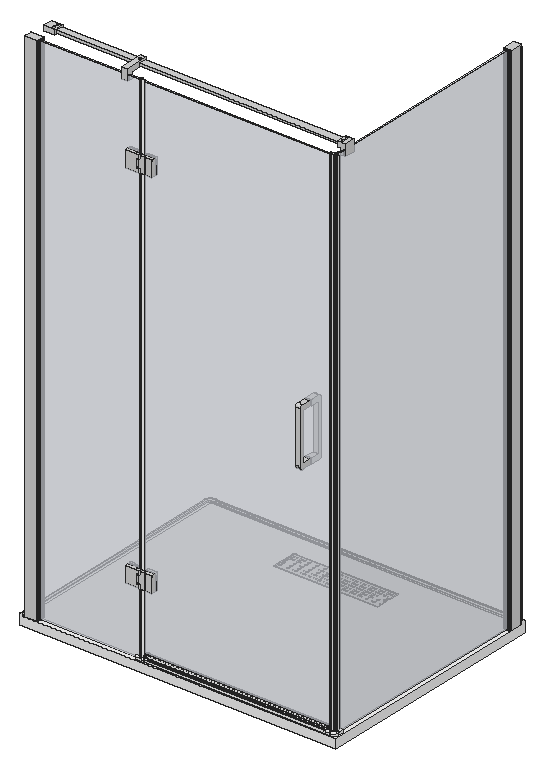
Revit family "Reece_Shower_Posh_Domaine MK2_Shower System", category Plumbing Fixtures, Revit 2018
Family settings
  Round Connector Dimension = Use Diameter
  Part Type = Normal
  Work Plane-Based = Yes
  Always vertical = Yes
  Cut with Voids When Loaded = Yes
  Shared = Yes
  Room Calculation Point = Yes
Parameters
  URL = "https://www.reece.com.au/product/-2350288"
  Type Comments = "Shower"
  Reece_Visibility_Right Hand Opening = yes
  Reece_Visibility_Left Hand Opening = no
  Reece_Screen_Height = 2000 mm  # constant formula
  Reece_Product_Web Page = "https://www.reece.com.au/product/-2350288"
  Reece_Product_Type = "Shower"  # constant formula
  Reece_Product_Sub Brand = "Domaine MK2"  # constant formula
  Reece_Product_Number = "2350288"
  Reece_Product_Mount = "Floor Mounted"
  Reece_Product_Description = "Posh Domaine MK2 1200x900 Semi Frameless Right Hand Entry Base & Screen Only Shower System"
  Reece_Product_Brand = "Posh"  # constant formula
  Reece_Overall_Width = 1200 mm
  Reece_Overall_Height = 2033 mm  # constant formula
  Reece_Overall_Depth = 900 mm
  Reece_Material_Secondary = Reece_Plastic_Transparent
  Reece_Material_Screen = Reece_Safety Glass_Transparent
  Reece_Material_Main = Reece_Brass_Chrome
  Reece_Material_Base = Reece_Polymarble_White
  Reece_Family_Shower Screen = Reece_Shower_Posh_Domaine MK2_Shower Screen_1200mm_Nested : Chrome
  Reece_Family_Shower Door & Screen [instance] = Reece_Shower_Posh_Domaine MK2_Shower Door & Screen_Nested : Chrome
  Reece_Detail_Function = "Right Hand Opening"  # constant formula
  Reece_Detail_Disclaimer = "THIS FILE IS THE PROPERTY OF THE REECE GROUP. IT MAY NOT BE REPRODUCED, REVERSE-ENGINEERED OR MODIFIED. ANY REPUBLICATION, TRANSMISSION OR DISTRIBUTION FOR THE PURPOSE OF COMMERCIALLY EXPLOITING THE FILES IS PROHIBITED."  # constant formula
  Reece_Detail_Additional = "Shower System"  # constant formula
  Model = "Domaine MK2"
  Manufacturer = "Posh"
  Keynote = "Product #2350288, Reece_Shower_Posh_Domaine MK2_Shower System -  "
  Disclaimer = "THIS FILE IS THE PROPERTY OF THE REECE GROUP. IT MAY NOT BE REPRODUCED, REVERSE-ENGINEERED OR MODIFIED. ANY REPUBLICATION, TRANSMISSION OR DISTRIBUTION FOR THE PURPOSE OF COMMERCIALLY EXPLOITING THE FILES IS PROHIBITED."  # constant formula
  Description = "Posh Domaine MK2 1200x900 Semi Frameless Right Hand Entry Base & Screen Only Shower System"
  Default Elevation = 0 mm
Reference planes
  plane 1 "Center (Front/Back)": y = 0
  plane 2 "Height From Floor": z = 0
  plane 3 "Center (Left/Right)": x = 0
  plane 4 "Bottom Of Invisible Line": z = -5
  plane 5: x = 600
  plane 6: x = -600
  plane 7: z = 2033
  plane 8: z = 33
  plane 9: y = 450
  plane 10: y = -450
Lines and regions (mm)
  model lines, style "InvisibleLines"
    curve 1: line (0, 0, -5) -> (0, 0, 0)
Text (mm)
  text "Reece ©" at (4010.036, -1850.322, 2156.454), in view "Reece Preview"
  text "Remove this note when saving the family.\nPlease make sure that:\n- Unused reference planes are removed\n- Images or CAD references are removed\n- Unused Parameters are removed\n- All parameters where possible are defined and unchangeable\n- Make sure to use shared parameters only\n- Make sure to always follow the naming convention\n- Make sure to update the data information" at (1631.025, -1226.195, -1020.679), in view "Ref. Level"
  text "Reece ©" at (1631.025, -1085.127, -1020.679), in view "Ref. Level"
Dimensions and locks
  level to plane 2 "Height From Floor" = 0 mm
  locked: level to plane 4 "Bottom Of Invisible Line" at 5
  "Reece_Overall_Width": plane 6 to plane 5
  equal spacing: plane 6, plane 3 "Center (Left/Right)", plane 5
  "Reece_Screen_Height": plane 7 to plane 8
  "Reece_Overall_Height": plane 7 to level
  plane 8 to level = 33 mm
  "Reece_Overall_Depth": plane 10 to plane 9
  equal spacing: plane 10, plane 1 "Center (Front/Back)", plane 9
  aligned and locked: plane 3 "Center (Left/Right)" to nested 2
  aligned and locked: nested 3 to plane 3 "Center (Left/Right)"
  aligned and locked: plane 3 "Center (Left/Right)" to nested 1
  aligned and locked: plane 1 "Center (Front/Back)" to nested 2
  aligned and locked: plane 1 "Center (Front/Back)" to nested 3
  aligned and locked: nested 5 to plane 3 "Center (Left/Right)"
  aligned and locked: nested 5 to plane 1 "Center (Front/Back)"
  aligned and locked: nested 4 to plane 1 "Center (Front/Back)"
  aligned and locked: plane 3 "Center (Left/Right)" to nested 4
  aligned and locked: plane 1 "Center (Front/Back)" to nested 1
  aligned and locked: plane 3 "Center (Left/Right)" to nested 6
  aligned and locked: nested 6 to plane 1 "Center (Front/Back)"
Automatic sketch dimensions
  curve 1 to level = 0 mm
  curve 1 to plane 3 "Center (Left/Right)" = 0 mm
  curve 1 to plane 4 "Bottom Of Invisible Line" = 0 mm
Nested families
  nested 1: "Reece_Shower_Posh_Domaine MK2_Shower Base_Nested" at (0, 0, 0), Reece_Material_Main <- "Reece_Material_Main", Reece_Overall_Depth <- "Reece_Overall_Depth", Reece_Overall_Width <- "Reece_Overall_Width", Reece_Material_Base <- "Reece_Material_Base", visible <- "Reece_Visibility_Left Hand Opening", type "Polymarble"
    with Reece_Overall_Width 1200 mm, Reece_Overall_Depth 900 mm, Reece_Material_Main Reece_Brass_Chrome, Reece_Material_Base Reece_Polymarble_White
  nested 2: "Reece_Shower_Posh_Domaine MK2_Shower Screen_1200mm_Nested" at (0, 0, 33), visible <- "Reece_Visibility_Left Hand Opening", Reece_Material_Main <- "Reece_Material_Main", Reece_Material_Screen <- "Reece_Material_Screen", Reece_Material_Secondary <- "Reece_Material_Secondary", Reece_Overall_Depth <- "Reece_Overall_Depth", Reece_Overall_Width <- "Reece_Overall_Width", type <- "Reece_Family_Shower Screen", type "Chrome"
    with Reece_Overall_Width 1200 mm, Reece_Overall_Depth 900 mm, Reece_Material_Secondary Reece_Plastic_Transparent, Reece_Material_Screen Reece_Safety Glass_Transparent, Reece_Material_Main Reece_Brass_Chrome
  nested 3: "Reece_Shower_Posh_Domaine MK2_Shower Door & Screen_Nested" at (0, 0, 33), visible <- "Reece_Visibility_Left Hand Opening", Reece_Material_Main <- "Reece_Material_Main", Reece_Material_Screen <- "Reece_Material_Screen", Reece_Material_Secondary <- "Reece_Material_Secondary", Reece_Overall_Depth <- "Reece_Overall_Depth", Reece_Overall_Width <- "Reece_Overall_Width", type <- "Reece_Family_Shower Door & Screen", type "Chrome"
    with Reece_Overall_Width 1200 mm, Reece_Overall_Depth 900 mm, Reece_Material_Secondary Reece_Plastic_Transparent, Reece_Material_Screen Reece_Safety Glass_Transparent, Reece_Material_Main Reece_Brass_Chrome
  nested 4: "Reece_Shower_Posh_Domaine MK2_Shower Screen_1200mm_Nested" at (0, 0, 33) x (-1, 0, 0) z (0, 0, 1), visible <- "Reece_Visibility_Right Hand Opening", Reece_Material_Main <- "Reece_Material_Main", Reece_Material_Screen <- "Reece_Material_Screen", Reece_Material_Secondary <- "Reece_Material_Secondary", Reece_Overall_Depth <- "Reece_Overall_Depth", Reece_Overall_Width <- "Reece_Overall_Width", type <- "Reece_Family_Shower Screen", type "Chrome"
    with Reece_Overall_Width 1200 mm, Reece_Overall_Depth 900 mm, Reece_Material_Secondary Reece_Plastic_Transparent, Reece_Material_Screen Reece_Safety Glass_Transparent, Reece_Material_Main Reece_Brass_Chrome
  nested 5: "Reece_Shower_Posh_Domaine MK2_Shower Door & Screen_Nested" at (0, 0, 33) x (-1, 0, 0) z (0, 0, 1), visible <- "Reece_Visibility_Right Hand Opening", Reece_Material_Main <- "Reece_Material_Main", Reece_Material_Screen <- "Reece_Material_Screen", Reece_Material_Secondary <- "Reece_Material_Secondary", Reece_Overall_Depth <- "Reece_Overall_Depth", Reece_Overall_Width <- "Reece_Overall_Width", type <- "Reece_Family_Shower Door & Screen", type "Chrome"
    with Reece_Overall_Width 1200 mm, Reece_Overall_Depth 900 mm, Reece_Material_Secondary Reece_Plastic_Transparent, Reece_Material_Screen Reece_Safety Glass_Transparent, Reece_Material_Main Reece_Brass_Chrome
  nested 6: "Reece_Shower_Posh_Domaine MK2_Shower Base_Nested" at (0, 0, 0) x (-1, 0, 0) z (0, 0, 1), Reece_Material_Main <- "Reece_Material_Main", Reece_Overall_Depth <- "Reece_Overall_Depth", Reece_Overall_Width <- "Reece_Overall_Width", Reece_Material_Base <- "Reece_Material_Base", visible <- "Reece_Visibility_Right Hand Opening", type "Polymarble"
    with Reece_Overall_Width 1200 mm, Reece_Overall_Depth 900 mm, Reece_Material_Main Reece_Brass_Chrome, Reece_Material_Base Reece_Polymarble_White
Definition of nested family "Reece_Shower_Posh_Domaine MK2_Shower Base_Nested"
  Parameters (values of type "Polymarble")
    Waste Connection = no
    WFU = 0
    Vent Connection = no
    URL = ""
    Type Comments = ""
    Reece_Overall_Width [instance] = 900 mm
    Reece_Overall_Depth [instance] = 900 mm
    Reece_Material_Main [instance] = none
    Reece_Material_Base [instance] = none
    Model = ""
    Manufacturer = ""
    Keynote = ""
    HWFU = 0
    HW Connection = no
    Description = ""
    Default Elevation = 0 mm
    Cost = 0
    CWFU = 0
    CW Connection = no
    Assembly Code = ""
  Reference planes
    plane 1 "Center (Front/Back)": y = 0
    plane 2: z = 0
    plane 3 "Center (Left/Right)": x = 0
    plane 4: x = -450
    plane 5: x = 450
    plane 6: y = -450
    plane 7: y = 450
  Forms (mm)
    Extrusion 1, solid
      sketch origin (619.2, 470, 0) x (1, 0, 0) y (0, 1, 0)
        loop
          line (-1219.2, 130) -> (-1219.2, -1070) -> (-19.2, -1070) -> (-19.2, 130) -> (-1219.2, 130)
      from 0 to -35.776
    Sweep 2, solid, material <- "Reece_Material_Base"
      path origin (0, 0, 0) x (-1, 0, 0) y (0, -1, 0)
        loop
          line (-450, 450) -> (-450, -430)
          arc (-450, -430) -> (-444.142, -444.142) -> (-430, -450) r 20
          line (-430, -450) -> (450, -450)
      profile origin (450, -10, 0) x (-1, 0, 0) y (0, 0, 1)
        loop
          line (0, 0) -> (14.6, 0) -> (14.6, 33)
          arc (14.6, 33) -> (12.054, 34.054) -> (11, 36.6) r 3.6
          line (11, 36.6) -> (11, 39.4)
          arc (11, 39.4) -> (9.946, 41.946) -> (7.4, 43) r 3.6
          line (7.4, 43) -> (3.6, 43)
          arc (3.6, 43) -> (1.054, 41.946) -> (0, 39.4) r 3.6
          line (0, 39.4) -> (0, 0)
    Extrusion 3, solid, material <- "Reece_Material_Base"
      sketch origin (0, -450, 0) x (-1, 0, 0) y (0, -1, 0)
        loop
          line (-435.4, 0) -> (-435.4, -880)
          arc (-435.4, -880) -> (-433.818, -883.818) -> (-430, -885.4) r 5.4
          line (-430, -885.4) -> (450, -885.4) -> (450, 0) -> (-435.4, 0)
        loop
          circle (0, -752) r 45
      from 0 to 33
    Extrusion 4, solid, material <- "Reece_Material_Main"
      sketch origin (0, 0, 0) x (1, 0, 0) y (0, 1, 0)
        loop
          line (-197, 254) -> (197, 254) -> (197, 293)
          arc (197, 293) -> (196.707, 293.707) -> (196, 294) r 1
          line (196, 294) -> (188.5, 294)
          arc (188.5, 294) -> (187.793, 294.293) -> (187.5, 295) r 1
          line (187.5, 295) -> (187.5, 309)
          arc (187.5, 309) -> (187.793, 309.707) -> (188.5, 310) r 1
          line (188.5, 310) -> (196, 310)
          arc (196, 310) -> (196.707, 310.293) -> (197, 311) r 1
          line (197, 311) -> (197, 350) -> (-197, 350) -> (-197, 311)
          arc (-197, 311) -> (-196.707, 310.293) -> (-196, 310) r 1
          line (-196, 310) -> (-188.5, 310)
          arc (-188.5, 310) -> (-187.793, 309.707) -> (-187.5, 309) r 1
          line (-187.5, 309) -> (-187.5, 295)
          arc (-187.5, 295) -> (-187.793, 294.293) -> (-188.5, 294) r 1
          line (-188.5, 294) -> (-196, 294)
          arc (-196, 294) -> (-196.707, 293.707) -> (-197, 293) r 1
          line (-197, 293) -> (-197, 254)
        loop
          line (-10, 268) -> (10, 268) -> (10, 272) -> (-10, 272) -> (-10, 268)
        loop
          line (-10, 332) -> (10, 332) -> (10, 336) -> (-10, 336) -> (-10, 332)
        loop
          line (-10, 316) -> (10, 316) -> (10, 320) -> (-10, 320) -> (-10, 316)
        loop
          line (-10, 284) -> (10, 284) -> (10, 288) -> (-10, 288) -> (-10, 284)
        loop
          line (-10, 300) -> (10, 300) -> (10, 304) -> (-10, 304) -> (-10, 300)
        loop
          line (-40, 268) -> (-20, 268) -> (-20, 272) -> (-40, 272) -> (-40, 268)
        loop
          line (-40, 332) -> (-20, 332) -> (-20, 336) -> (-40, 336) -> (-40, 332)
        loop
          line (-40, 316) -> (-20, 316) -> (-20, 320) -> (-40, 320) -> (-40, 316)
        loop
          line (-40, 284) -> (-20, 284) -> (-20, 288) -> (-40, 288) -> (-40, 284)
        loop
          line (-40, 300) -> (-20, 300) -> (-20, 304) -> (-40, 304) -> (-40, 300)
        loop
          line (40, 268) -> (40, 272) -> (20, 272) -> (20, 268) -> (40, 268)
        loop
          line (40, 332) -> (40, 336) -> (20, 336) -> (20, 332) -> (40, 332)
        loop
          line (40, 316) -> (40, 320) -> (20, 320) -> (20, 316) -> (40, 316)
        loop
          line (40, 284) -> (40, 288) -> (20, 288) -> (20, 284) -> (40, 284)
        loop
          line (40, 300) -> (40, 304) -> (20, 304) -> (20, 300) -> (40, 300)
        loop
          line (70, 268) -> (70, 272) -> (50, 272) -> (50, 268) -> (70, 268)
        loop
          line (70, 332) -> (70, 336) -> (50, 336) -> (50, 332) -> (70, 332)
        loop
          line (70, 316) -> (70, 320) -> (50, 320) -> (50, 316) -> (70, 316)
        loop
          line (70, 284) -> (70, 288) -> (50, 288) -> (50, 284) -> (70, 284)
        loop
          line (70, 300) -> (70, 304) -> (50, 304) -> (50, 300) -> (70, 300)
        loop
          line (100, 268) -> (100, 272) -> (80, 272) -> (80, 268) -> (100, 268)
        loop
          line (100, 332) -> (100, 336) -> (80, 336) -> (80, 332) -> (100, 332)
        loop
          line (100, 316) -> (100, 320) -> (80, 320) -> (80, 316) -> (100, 316)
        loop
          line (100, 284) -> (100, 288) -> (80, 288) -> (80, 284) -> (100, 284)
        loop
          line (100, 300) -> (100, 304) -> (80, 304) -> (80, 300) -> (100, 300)
        loop
          line (130, 268) -> (130, 272) -> (110, 272) -> (110, 268) -> (130, 268)
        loop
          line (130, 332) -> (130, 336) -> (110, 336) -> (110, 332) -> (130, 332)
        loop
          line (130, 316) -> (130, 320) -> (110, 320) -> (110, 316) -> (130, 316)
        loop
          line (130, 284) -> (130, 288) -> (110, 288) -> (110, 284) -> (130, 284)
        loop
          line (130, 300) -> (130, 304) -> (110, 304) -> (110, 300) -> (130, 300)
        loop
          line (160, 268) -> (160, 272) -> (140, 272) -> (140, 268) -> (160, 268)
        loop
          line (160, 332) -> (160, 336) -> (140, 336) -> (140, 332) -> (160, 332)
        loop
          line (160, 316) -> (160, 320) -> (140, 320) -> (140, 316) -> (160, 316)
        loop
          line (160, 284) -> (160, 288) -> (140, 288) -> (140, 284) -> (160, 284)
        loop
          line (160, 300) -> (160, 304) -> (140, 304) -> (140, 300) -> (160, 300)
        loop
          line (190, 268) -> (190, 272) -> (170, 272) -> (170, 268) -> (190, 268)
        loop
          line (190, 332) -> (190, 336) -> (170, 336) -> (170, 332) -> (190, 332)
        loop
          line (190, 316) -> (190, 320) -> (170, 320) -> (170, 316) -> (190, 316)
        loop
          line (190, 284) -> (190, 288) -> (170, 288) -> (170, 284) -> (190, 284)
        loop
          line (-70, 268) -> (-50, 268) -> (-50, 272) -> (-70, 272) -> (-70, 268)
        loop
          line (-70, 332) -> (-50, 332) -> (-50, 336) -> (-70, 336) -> (-70, 332)
        loop
          line (-70, 316) -> (-50, 316) -> (-50, 320) -> (-70, 320) -> (-70, 316)
        loop
          line (-70, 284) -> (-50, 284) -> (-50, 288) -> (-70, 288) -> (-70, 284)
        loop
          line (-70, 300) -> (-50, 300) -> (-50, 304) -> (-70, 304) -> (-70, 300)
        loop
          line (-100, 268) -> (-80, 268) -> (-80, 272) -> (-100, 272) -> (-100, 268)
        loop
          line (-100, 332) -> (-80, 332) -> (-80, 336) -> (-100, 336) -> (-100, 332)
        loop
          line (-100, 316) -> (-80, 316) -> (-80, 320) -> (-100, 320) -> (-100, 316)
        loop
          line (-100, 284) -> (-80, 284) -> (-80, 288) -> (-100, 288) -> (-100, 284)
        loop
          line (-100, 300) -> (-80, 300) -> (-80, 304) -> (-100, 304) -> (-100, 300)
        loop
          line (-130, 268) -> (-110, 268) -> (-110, 272) -> (-130, 272) -> (-130, 268)
        loop
          line (-130, 332) -> (-110, 332) -> (-110, 336) -> (-130, 336) -> (-130, 332)
        loop
          line (-130, 316) -> (-110, 316) -> (-110, 320) -> (-130, 320) -> (-130, 316)
        loop
          line (-130, 284) -> (-110, 284) -> (-110, 288) -> (-130, 288) -> (-130, 284)
        loop
          line (-130, 300) -> (-110, 300) -> (-110, 304) -> (-130, 304) -> (-130, 300)
        loop
          line (-160, 268) -> (-140, 268) -> (-140, 272) -> (-160, 272) -> (-160, 268)
        loop
          line (-160, 332) -> (-140, 332) -> (-140, 336) -> (-160, 336) -> (-160, 332)
        loop
          line (-160, 316) -> (-140, 316) -> (-140, 320) -> (-160, 320) -> (-160, 316)
        loop
          line (-160, 284) -> (-140, 284) -> (-140, 288) -> (-160, 288) -> (-160, 284)
        loop
          line (-160, 300) -> (-140, 300) -> (-140, 304) -> (-160, 304) -> (-160, 300)
        loop
          line (-190, 268) -> (-170, 268) -> (-170, 272) -> (-190, 272) -> (-190, 268)
        loop
          line (-190, 332) -> (-170, 332) -> (-170, 336) -> (-190, 336) -> (-190, 332)
        loop
          line (-190, 316) -> (-170, 316) -> (-170, 320) -> (-190, 320) -> (-190, 316)
        loop
          line (-190, 284) -> (-170, 284) -> (-170, 288) -> (-190, 288) -> (-190, 284)
      from 31 to 33
    Extrusion 5, void
      sketch origin (0, 0, 0) x (1, 0, 0) y (0, 1, 0)
        loop
          line (-197, 350) -> (-197, 254) -> (197, 254) -> (197, 350) -> (-197, 350)
      from 31 to 33
  Cuts and joins
    Extrusion 5 cuts Sweep 2
    Extrusion 5 cuts Extrusion 3
    joined: Sweep 2, Extrusion 3
  Lines and regions (mm)
    model lines
      curve 1: line (-403, 403, 33) -> (403, 403, 33)
      curve 2: line (403, -403, 33) -> (-403, -403, 33)
      curve 3: line (403, 403, 33) -> (403, -403, 33)
      curve 4: line (-403, -403, 33) -> (-403, 403, 33)
  Text (mm)
    text "Reece Copyright © 2018, Reece Ltd." at (-1624.402, -1205.801, 0), in view "Ref. Level"
    text "Reece ©" at (651.51, -88.566, -141.437), in view "Reece_Preview"
  Dimensions and locks
    locked: Extrusion 3 sketch curve to plane 5 at 14.6
    "Reece_Overall_Width": plane 4 to plane 5
    equal spacing: plane 4, plane 3 "Center (Left/Right)", plane 5
    "Reece_Overall_Depth": plane 7 to plane 6
    equal spacing: plane 7, plane 1 "Center (Front/Back)", plane 6
    locked: Extrusion 3 sketch curve to plane 7 at 14.6
    locked: plane 7 to cut or joined group of Sweep 2, Extrusion 3, Extrusion 5 at 100
    locked: cut or joined group of Sweep 2, Extrusion 3, Extrusion 5 to plane 7 at 196
    locked: plane 7 to Extrusion 3 sketch curve at 148
    locked: curve 1 to plane 7 at 47
    locked: curve 3 to plane 5 at 47
    locked: plane 4 to curve 4 at 47
    locked: curve 2 to plane 6 at 47
    aligned and locked: Extrusion 1 to plane 2
    aligned and locked: Extrusion 1 to level
    aligned and locked: plane 4 to cut or joined group of Sweep 2, Extrusion 3, Extrusion 5
    aligned and locked: Sweep 2 sketch curve to plane 5
    aligned and locked: plane 6 to cut or joined group of Sweep 2, Extrusion 3, Extrusion 5
    aligned and locked: plane 6 to Sweep 2 sketch curve
    aligned and locked: plane 4 to Sweep 2 sketch curve
    aligned and locked: plane 7 to Sweep 2 sketch curve
    aligned and locked: Extrusion 4 to cut or joined group of Sweep 2, Extrusion 3, Extrusion 5  (x2)
  Automatic sketch dimensions
    Extrusion 1 sketch curve to Extrusion 1 sketch curve = 1200 mm  (x2)
    Sweep 2 sketch curve to Sweep 2 sketch curve = 20 mm
    Sweep 2 sketch curve to profile plane = 0 mm
    Sweep 2 sketch curve to level = 0 mm
    Sweep 2 sketch curve to Sweep 2 sketch curve = 3.6 mm  (x2)
    Sweep 2 sketch curve to Sweep 2 sketch curve = 3.8 mm
    Sweep 2 sketch curve to Sweep 2 sketch curve = 14.6 mm
    Sweep 2 sketch curve to Sweep 2 sketch curve = 33 mm
    Sweep 2 sketch curve to Sweep 2 sketch curve = 2.8 mm
    Extrusion 3 sketch curve to plane 3 "Center (Left/Right)" = 0 mm
    Extrusion 3 sketch curve to plane 4 = 0 mm
    plane 6 to Extrusion 3 sketch curve = 0 mm
    Extrusion 3 sketch curve to Extrusion 3 sketch curve = 5.4 mm
    Extrusion 4 sketch curve to plane 3 "Center (Left/Right)" = 197 mm
    Extrusion 4 sketch curve to Extrusion 4 sketch curve = 0 mm  (x67)
    Extrusion 4 sketch curve to Extrusion 4 sketch curve = 1 mm  (x7)
    Extrusion 4 sketch curve to Extrusion 4 sketch curve = 6 mm  (x3)
    Extrusion 4 sketch curve to Extrusion 4 sketch curve = 7 mm
    Extrusion 4 sketch curve to Extrusion 4 sketch curve = 1.5 mm  (x4)
    Extrusion 4 sketch curve to Extrusion 4 sketch curve = 20 mm  (x23)
    Extrusion 4 sketch curve to Extrusion 4 sketch curve = 10 mm  (x59)
    plane 3 "Center (Left/Right)" to Extrusion 4 sketch curve = 10 mm  (x5)
    Extrusion 4 sketch curve to Extrusion 4 sketch curve = 17.5 mm
    Extrusion 4 sketch curve to Extrusion 4 sketch curve = 7.5 mm  (x2)
    Extrusion 4 sketch curve to plane 7 = 196 mm
    Extrusion 4 sketch curve to Extrusion 4 sketch curve = 14 mm  (x6)
    Extrusion 4 sketch curve to Extrusion 4 sketch curve = 4 mm  (x63)
    Extrusion 4 sketch curve to Extrusion 4 sketch curve = 12 mm  (x27)
    Extrusion 4 sketch curve to Extrusion 4 sketch curve = 5 mm  (x2)
    Extrusion 5 sketch curve to plane 3 "Center (Left/Right)" = 197 mm
    plane 3 "Center (Left/Right)" to Extrusion 5 sketch curve = 197 mm
    Extrusion 5 sketch curve to plane 7 = 196 mm
    Extrusion 5 sketch curve to Extrusion 5 sketch curve = 96 mm
    radius of Extrusion 3 sketch curve = 45 mm
Definition of nested family "Reece_Shower_Posh_Domaine MK2_Shower Screen_1200mm_Nested"
  Parameters (values of type "Chrome")
    Waste Connection = no
    WFU = 0
    Vent Connection = no
    URL = ""
    Type Comments = ""
    Reece_Overall_Width [instance] = 900 mm
    Reece_Overall_Depth [instance] = 900 mm
    Reece_Material_Secondary [instance] = none
    Reece_Material_Screen [instance] = none
    Reece_Material_Main [instance] = none
    Model = ""
    Manufacturer = ""
    Keynote = ""
    HWFU = 0
    HW Connection = no
    Description = ""
    Default Elevation = 0 mm
    Cost = 0
    CWFU = 0
    CW Connection = no
    Assembly Code = ""
  Reference planes
    plane 1 "Center (Front/Back)": y = 0
    plane 2: z = 0
    plane 3 "Center (Left/Right)": x = 0
    plane 4: y = -450
    plane 5: x = 450
    plane 6: x = -450
    plane 7: x = -438.505
    plane 8: x = -441.505
    plane 9: y = 439
    plane 10: y = -422.367
    plane 11: y = 385
    plane 12: x = -411.505
    plane 13: x = 408.5
    plane 14: x = 368.5
    plane 15: y = -389
    plane 16: y = -351
    plane 17: y = 450
  Forms (mm)
    Extrusion 1, solid
      sketch origin (619.2, 20, 0) x (1, 0, 0) y (0, 1, 0)
        loop
          line (-1219.2, 580) -> (-1219.2, -620) -> (-19.2, -620) -> (-19.2, 580) -> (-1219.2, 580)
      from 0 to -35.776
    Extrusion 2, solid, material <- "Reece_Material_Screen"
      sketch origin (-8.505, 2.132, 0) x (0, 1, 0) y (-1, 0, 0)
        loop
          line (382.868, 424) -> (382.868, 430) -> (-424.499, 430) -> (-424.499, 424) -> (382.868, 424)
      from 0 to 1977
    Extrusion 3, solid, material <- "Reece_Material_Main"
      sketch origin (0, 0, -30) x (1, 0, 0) y (0, 0, 1)
        loop
          line (-438.505, 1987) -> (-438.505, 2007) -> (-432.505, 2007) -> (-432.505, 1987) -> (-423.505, 1987) -> (-423.505, 2010) -> (-411.505, 2010) -> (-411.505, 2030) -> (-441.505, 2030) -> (-441.505, 1987) -> (-438.505, 1987)
        loop
          line (368.5, 2010) -> (408.5, 2010) -> (408.5, 2030) -> (368.5, 2030) -> (368.5, 2010)
      from 351 to 389
    Extrusion 4, solid, material <- "Reece_Material_Main"
      sketch origin (0, 0, -30) x (1, 0, 0) y (0, 0, 1)
        loop
          line (-411.505, 2025) -> (-411.505, 2015) -> (368.5, 2015) -> (368.5, 2025) -> (-411.505, 2025)
      from 356 to 384
    Extrusion 5, solid, material <- "Reece_Material_Main", detail levels fine
      sketch origin (0, -450, 0) x (1, 0, 0) y (0, 1, 0)
        loop
          circle (378.5, 89) r 3
        loop
          circle (378.5, 71) r 3
        loop
          line (378.5, 91.5) -> (376.335, 90.25) -> (376.335, 87.75) -> (378.5, 86.5) -> (380.665, 87.75) -> (380.665, 90.25) -> (378.5, 91.5)
        loop
          line (378.5, 73.5) -> (376.335, 72.25) -> (376.335, 69.75) -> (378.5, 68.5) -> (380.665, 69.75) -> (380.665, 72.25) -> (378.5, 73.5)
        loop
          circle (-421.505, 89) r 3
        loop
          circle (-421.505, 71) r 3
        loop
          line (-421.505, 91.5) -> (-423.67, 90.25) -> (-423.67, 87.75) -> (-421.505, 86.5) -> (-419.34, 87.75) -> (-419.34, 90.25) -> (-421.505, 91.5)
        loop
          line (-421.505, 73.5) -> (-423.67, 72.25) -> (-423.67, 69.75) -> (-421.505, 68.5) -> (-419.34, 69.75) -> (-419.34, 72.25) -> (-421.505, 73.5)
      from 2000 to 2001
    Extrusion 6, solid, material <- "Reece_Material_Secondary"
      sketch origin (86.769, 23.04, 0) x (0, 1, 0) y (-1, 0, 0)
        loop
          line (-456.675, 523.409) -> (-451.502, 518.235)
          arc (-451.502, 518.235) -> (-450.88, 517.822) -> (-450.149, 517.677) r 1.918
          line (-450.149, 517.677) -> (-447.325, 517.677) -> (-436.353, 518.83)
          arc (-436.353, 518.83) -> (-435.841, 519.463) -> (-436.474, 519.975) r 0.575
          line (-436.474, 519.975) -> (-437.717, 519.844) -> (-438.672, 520.799)
          arc (-438.672, 520.799) -> (-439.026, 520.799) -> (-439.026, 520.446) r 0.25
          line (-439.026, 520.446) -> (-438.357, 519.777) -> (-444.855, 519.094)
          arc (-444.855, 519.094) -> (-445.242, 519.22) -> (-445.407, 519.591) r 0.5
          line (-445.407, 519.591) -> (-445.407, 524.956)
          arc (-445.407, 524.956) -> (-445.242, 525.328) -> (-444.855, 525.453) r 0.5
          line (-444.855, 525.453) -> (-438.357, 524.771) -> (-439.026, 524.102)
          arc (-439.026, 524.102) -> (-439.026, 523.748) -> (-438.672, 523.748) r 0.25
          line (-438.672, 523.748) -> (-437.717, 524.703) -> (-436.474, 524.573)
          arc (-436.474, 524.573) -> (-435.841, 525.085) -> (-436.353, 525.717) r 0.575
          line (-436.353, 525.717) -> (-447.325, 526.87) -> (-453.957, 526.87)
          arc (-453.957, 526.87) -> (-454.34, 526.794) -> (-454.664, 526.578) r 1
          line (-454.664, 526.578) -> (-456.674, 524.567)
          arc (-456.674, 524.567) -> (-456.916, 523.989) -> (-456.675, 523.409) r 0.815
      from 12 to 1980
    Extrusion 7, solid, material <- "Reece_Material_Main"
      sketch origin (0, 2.039, 0) x (1, 0, 0) y (0, 1, 0)
        loop
          line (-448.504, 436.961) -> (-448.504, 432.961) -> (-426.504, 432.961) -> (-426.504, 436.961) -> (-448.504, 436.961)
      from 0 to 1970
    Extrusion 8, solid, material <- "Reece_Material_Main"
      sketch origin (0, 5.8, 0) x (1, 0, 0) y (0, 1, 0)
        loop
          line (-442.984, 379.2) -> (-439.878, 379.2) -> (-439.805, 378.379) -> (-436.986, 377.801) -> (-435.907, 377.801) -> (-436.463, 379.2) -> (-434.537, 379.2) -> (-435.092, 377.801) -> (-434.013, 377.801) -> (-431.194, 378.379) -> (-431.121, 379.2) -> (-428.015, 379.2)
          arc (-428.015, 379.2) -> (-426.714, 379.285) -> (-425.435, 379.539) r 10
          line (-425.435, 379.539) -> (-422.117, 380.428)
          arc (-422.117, 380.428) -> (-421.31, 380.964) -> (-421, 381.881) r 1.5
          line (-421, 381.881) -> (-421, 426.807)
          arc (-421, 426.807) -> (-421.31, 427.72) -> (-422.112, 428.256) r 1.5
          line (-422.112, 428.256) -> (-425.634, 429.2) -> (-448.504, 429.2)
          arc (-448.504, 429.2) -> (-449.563, 428.758) -> (-450, 427.696) r 1.5
          line (-450, 427.696) -> (-450, 381.882)
          arc (-450, 381.882) -> (-449.691, 380.966) -> (-448.888, 380.429) r 1.5
          line (-448.888, 380.429) -> (-445.58, 379.543)
          arc (-445.58, 379.543) -> (-444.293, 379.286) -> (-442.984, 379.2) r 10
      from 0 to 1980
  Cuts and joins
    joined: Extrusion 3, Extrusion 4
    joined: Extrusion 7, Extrusion 8
  Text (mm)
    text "Reece Copyright © 2018, Reece Ltd." at (-1051.609, -1367.057, 0), in view "Ref. Level"
    text "Reece ©" at (651.51, -88.566, -141.437), in view "Reece_Preview"
  Dimensions and locks
    "Reece_Overall_Width": plane 6 to plane 5
    equal spacing: plane 6, plane 3 "Center (Left/Right)", plane 5
    locked: plane 6 to plane 7 at 11.495
    locked: plane 6 to plane 8 at 8.495
    locked: plane 4 to plane 10 at 27.633
    plane 8 to plane 12 = 30 mm
    locked: plane 13 to plane 5 at 41.5
    locked: plane 14 to plane 13 at 40
    locked: plane 15 to cut or joined group of Extrusion 3, Extrusion 4 at 5
    locked: plane 4 to plane 15 at 61
    locked: plane 15 to plane 16 at 38
    locked: plane 16 to cut or joined group of Extrusion 3, Extrusion 4 at 5
    locked: Extrusion 5 sketch curve to plane 16 at 10  (x2)
    locked: plane 15 to Extrusion 5 sketch curve at 10  (x2)
    locked: Extrusion 5 sketch curve to plane 12 at 10  (x2)
    locked: plane 14 to Extrusion 5 sketch curve at 10  (x2)
    "Reece_Overall_Depth": plane 17 to plane 4
    equal spacing: plane 17, plane 1 "Center (Front/Back)", plane 4
    locked: plane 17 to plane 9 at 11
    locked: plane 17 to plane 11 at 65
    cut or joined group of Extrusion 3, Extrusion 4 to cut or joined group of Extrusion 3, Extrusion 4 = 850.005 mm
    aligned and locked: Extrusion 1 to plane 2
    aligned and locked: Extrusion 1 to level
    aligned and locked: cut or joined group of Extrusion 3, Extrusion 4 to plane 8
    aligned and locked: cut or joined group of Extrusion 3, Extrusion 4 to plane 12
    aligned and locked: plane 13 to cut or joined group of Extrusion 3, Extrusion 4
    aligned and locked: plane 14 to cut or joined group of Extrusion 3, Extrusion 4
    aligned and locked: plane 15 to cut or joined group of Extrusion 3, Extrusion 4
    aligned and locked: Extrusion 2 sketch curve to plane 11
    aligned and locked: Extrusion 2 sketch curve to plane 10
    aligned and locked: cut or joined group of Extrusion 3, Extrusion 4 to plane 16
    aligned and locked: plane 16 to cut or joined group of Extrusion 3, Extrusion 4
    aligned and locked: cut or joined group of Extrusion 3, Extrusion 4 to plane 14
    aligned and locked: cut or joined group of Extrusion 7, Extrusion 8 to plane 6
    aligned and locked: Extrusion 2 to plane 7
    aligned and locked: plane 9 to cut or joined group of Extrusion 7, Extrusion 8
    aligned and locked: Extrusion 7 to Extrusion 8
  Automatic sketch dimensions
    Extrusion 1 sketch curve to Extrusion 1 sketch curve = 1200 mm  (x2)
    Extrusion 2 sketch curve to Extrusion 2 sketch curve = 6 mm
    Extrusion 3 sketch curve to plane 3 "Center (Left/Right)" = 441.505 mm
    Extrusion 3 sketch curve to Extrusion 3 sketch curve = 3 mm  (x2)
    Extrusion 3 sketch curve to Extrusion 3 sketch curve = 6 mm
    Extrusion 3 sketch curve to Extrusion 3 sketch curve = 9 mm
    Extrusion 3 sketch curve to Extrusion 3 sketch curve = 12 mm
    plane 3 "Center (Left/Right)" to Extrusion 3 sketch curve = 368.5 mm
    Extrusion 3 sketch curve to Extrusion 3 sketch curve = 40 mm
    level to Extrusion 3 sketch curve = 1957 mm
    Extrusion 3 sketch curve to Extrusion 3 sketch curve = 0 mm  (x2)
    Extrusion 3 sketch curve to Extrusion 3 sketch curve = 20 mm  (x2)
    Extrusion 3 sketch curve to Extrusion 3 sketch curve = 23 mm
    Extrusion 4 sketch curve to plane 3 "Center (Left/Right)" = 411.505 mm
    plane 3 "Center (Left/Right)" to Extrusion 4 sketch curve = 368.5 mm
    level to Extrusion 4 sketch curve = 1985 mm
    Extrusion 4 sketch curve to Extrusion 4 sketch curve = 10 mm
    Extrusion 5 sketch curve to Extrusion 5 sketch curve = 0 mm  (x2)
    Extrusion 5 sketch curve to Extrusion 5 sketch curve = 2.165 mm  (x14)
    Extrusion 5 sketch curve to Extrusion 5 sketch curve = 1.25 mm  (x24)
    Extrusion 6 sketch curve to plane 7 = 1.864 mm
    plane 4 to Extrusion 6 sketch curve = 16.364 mm
    Extrusion 6 sketch curve to plane 7 = 0.706 mm
    Extrusion 6 sketch curve to Extrusion 6 sketch curve = 0.001 mm
    Extrusion 6 sketch curve to Extrusion 6 sketch curve = 0.574 mm
    plane 7 to Extrusion 6 sketch curve = 1.304 mm
    Extrusion 6 sketch curve to Extrusion 6 sketch curve = 2.01 mm
    Extrusion 6 sketch curve to Extrusion 6 sketch curve = 0.707 mm
    Extrusion 6 sketch curve to plane 7 = 7.038 mm
    Extrusion 6 sketch curve to Extrusion 6 sketch curve = 5.174 mm
    Extrusion 6 sketch curve to Extrusion 6 sketch curve = 1.353 mm
    Extrusion 6 sketch curve to plane 7 = 7.597 mm
    Extrusion 6 sketch curve to Extrusion 6 sketch curve = 2.823 mm
    Extrusion 6 sketch curve to plane 8 = 1.403 mm
    Extrusion 6 sketch curve to Extrusion 6 sketch curve = 6.632 mm
    Extrusion 6 sketch curve to plane 7 = 0.317 mm
    Extrusion 6 sketch curve to Extrusion 6 sketch curve = 1.918 mm
    Extrusion 6 sketch curve to Extrusion 6 sketch curve = 0.5 mm  (x2)
    Extrusion 6 sketch curve to plane 7 = 6.18 mm
    Extrusion 6 sketch curve to Extrusion 6 sketch curve = 0.052 mm
    plane 7 to Extrusion 6 sketch curve = 0.18 mm
    Extrusion 6 sketch curve to plane 7 = 1.172 mm
    Extrusion 6 sketch curve to Extrusion 6 sketch curve = 5.881 mm
    Extrusion 6 sketch curve to plane 7 = 4.828 mm
    Extrusion 6 sketch curve to Extrusion 6 sketch curve = 0 mm  (x2)
    Extrusion 6 sketch curve to Extrusion 6 sketch curve = 0.177 mm  (x4)
    Extrusion 6 sketch curve to plane 7 = 1.526 mm
    Extrusion 6 sketch curve to plane 7 = 4.474 mm
    Extrusion 6 sketch curve to plane 7 = 0.503 mm
    Extrusion 6 sketch curve to Extrusion 6 sketch curve = 0.669 mm  (x2)
    Extrusion 6 sketch curve to plane 7 = 5.497 mm
    Extrusion 6 sketch curve to plane 7 = 0.57 mm
    Extrusion 6 sketch curve to Extrusion 6 sketch curve = 0.64 mm  (x2)
    Extrusion 6 sketch curve to plane 7 = 5.43 mm
    Extrusion 6 sketch curve to plane 7 = 0.701 mm
    Extrusion 6 sketch curve to Extrusion 6 sketch curve = 1.243 mm  (x2)
    Extrusion 6 sketch curve to plane 7 = 5.299 mm
    Extrusion 6 sketch curve to plane 7 = 0.129 mm
    Extrusion 6 sketch curve to Extrusion 6 sketch curve = 0.06 mm  (x3)
    plane 7 to Extrusion 6 sketch curve = 0.444 mm
    Extrusion 6 sketch curve to plane 7 = 6.444 mm
    Extrusion 6 sketch curve to Extrusion 6 sketch curve = 1.36 mm
    Extrusion 7 sketch curve to Extrusion 7 sketch curve = 4 mm
    Extrusion 8 sketch curve to plane 9 = 4 mm
    Extrusion 8 sketch curve to plane 11 = 0 mm  (x3)
    plane 11 to Extrusion 8 sketch curve = 0.343 mm
    Extrusion 8 sketch curve to Extrusion 8 sketch curve = 2.92 mm
    Extrusion 8 sketch curve to plane 8 = 1.479 mm
    Extrusion 8 sketch curve to plane 7 = 1.373 mm
    Extrusion 8 sketch curve to Extrusion 8 sketch curve = 0.073 mm  (x2)
    plane 7 to Extrusion 8 sketch curve = 1.519 mm
    Extrusion 8 sketch curve to Extrusion 8 sketch curve = 0.524 mm
    Extrusion 8 sketch curve to Extrusion 8 sketch curve = 1.079 mm  (x2)
    Extrusion 8 sketch curve to Extrusion 8 sketch curve = 0.814 mm
    Extrusion 8 sketch curve to Extrusion 8 sketch curve = 0.556 mm
    Extrusion 8 sketch curve to plane 11 = 1.399 mm  (x2)
    Extrusion 8 sketch curve to plane 11 = 0.821 mm  (x2)
    Extrusion 8 sketch curve to Extrusion 8 sketch curve = 2.819 mm
    Extrusion 8 sketch curve to Extrusion 8 sketch curve = 3.106 mm
    plane 7 to Extrusion 8 sketch curve = 12.871 mm
    plane 11 to Extrusion 8 sketch curve = 0.339 mm
    Extrusion 8 sketch curve to Extrusion 8 sketch curve = 2.58 mm
    Extrusion 8 sketch curve to Extrusion 8 sketch curve = 3.134 mm
    Extrusion 8 sketch curve to Extrusion 8 sketch curve = 2.935 mm
    plane 11 to Extrusion 8 sketch curve = 1.228 mm
    Extrusion 8 sketch curve to Extrusion 8 sketch curve = 0.383 mm
    Extrusion 8 sketch curve to Extrusion 8 sketch curve = 1.5 mm
    Extrusion 8 sketch curve to Extrusion 8 sketch curve = 1.45 mm
    plane 11 to Extrusion 8 sketch curve = 2.678 mm
    Extrusion 8 sketch curve to Extrusion 8 sketch curve = 0.004 mm  (x2)
    Extrusion 8 sketch curve to Extrusion 8 sketch curve = 7.322 mm  (x2)
    Extrusion 8 sketch curve to plane 9 = 6.393 mm
    Extrusion 8 sketch curve to Extrusion 8 sketch curve = 0 mm  (x6)
    Extrusion 8 sketch curve to plane 9 = 5.504 mm
    Extrusion 8 sketch curve to plane 9 = 4.944 mm
    Extrusion 8 sketch curve to Extrusion 8 sketch curve = 0.388 mm
    Extrusion 8 sketch curve to Extrusion 8 sketch curve = 2.596 mm
    Extrusion 8 sketch curve to plane 9 = 5.5 mm
    Extrusion 8 sketch curve to plane 8 = 6.995 mm
    plane 11 to Extrusion 8 sketch curve = 1.229 mm
    Extrusion 2 sketch curve to plane 7 = 0 mm
    plane 6 to Extrusion 7 sketch curve = 1.496 mm
    plane 7 to Extrusion 7 sketch curve = 12.001 mm
    plane 9 to Extrusion 7 sketch curve = 0 mm
    radius of Extrusion 5 sketch curve = 3 mm  (x4)
Definition of nested family "Reece_Shower_Posh_Domaine MK2_Shower Door & Screen_Nested"
  Parameters (values of type "Chrome")
    Waste Connection = no
    WFU = 0
    Vent Connection = no
    URL = ""
    Type Comments = ""
    Reece_Overall_Width [instance] = 1200 mm
    Reece_Overall_Depth [instance] = 900 mm
    Reece_Material_Secondary [instance] = none
    Reece_Material_Screen [instance] = none
    Reece_Material_Main [instance] = none
    Model = ""
    Manufacturer = ""
    Keynote = ""
    HWFU = 0
    HW Connection = no
    Description = ""
    Default Elevation = 0 mm
    Cost = 0
    CWFU = 0
    CW Connection = no
    Assembly Code = ""
  Reference planes
    plane 1 "Center (Front/Back)": y = 0
    plane 2: z = 0
    plane 3 "Center (Left/Right)": x = 0
    plane 4: x = 600
    plane 5: x = -600
    plane 6: y = -450
    plane 7: x = 150
    plane 8: x = 147
    plane 9: y = 450
    plane 10: z = 1728
  Forms (mm)
    Extrusion 1, solid
      sketch origin (469.2, 20, 0) x (1, 0, 0) y (0, 1, 0)
        loop
          line (-1219.2, 580) -> (-1219.2, -620) -> (280.8, -620) -> (280.8, 580) -> (-1219.2, 580)
      from 0 to -35.776
    Extrusion 2, solid, material <- "Reece_Material_Screen"
      sketch origin (0, -461.5, 0) x (1, 0, 0) y (0, 1, 0)
        loop
          line (147, 31.5) -> (-575.899, 31.5) -> (-575.899, 25.5) -> (147, 25.5) -> (147, 31.5)
      from 16 to 1977
    Extrusion 3, solid, material <- "Reece_Material_Secondary"
      sketch origin (-123.492, -371.726, 0) x (1, 0, 0) y (0, 1, 0)
        loop
          line (-457.068, -56.677) -> (-454.325, -56.677) -> (-443.353, -57.83)
          arc (-443.353, -57.83) -> (-442.841, -58.463) -> (-443.474, -58.975) r 0.575
          line (-443.474, -58.975) -> (-444.717, -58.844) -> (-445.672, -59.799)
          arc (-445.672, -59.799) -> (-446.026, -59.799) -> (-446.026, -59.446) r 0.25
          line (-446.026, -59.446) -> (-445.357, -58.777) -> (-451.855, -58.094)
          arc (-451.855, -58.094) -> (-452.242, -58.22) -> (-452.407, -58.591) r 0.5
          line (-452.407, -58.591) -> (-452.407, -63.956)
          arc (-452.407, -63.956) -> (-452.242, -64.328) -> (-451.855, -64.453) r 0.5
          line (-451.855, -64.453) -> (-445.357, -63.771) -> (-446.026, -63.102)
          arc (-446.026, -63.102) -> (-446.026, -62.748) -> (-445.672, -62.748) r 0.25
          line (-445.672, -62.748) -> (-444.717, -63.703) -> (-443.474, -63.573)
          arc (-443.474, -63.573) -> (-442.841, -64.085) -> (-443.353, -64.717) r 0.575
          line (-443.353, -64.717) -> (-454.325, -65.87) -> (-460.927, -65.87)
          arc (-460.927, -65.87) -> (-461.309, -65.794) -> (-461.634, -65.578) r 1
          line (-461.634, -65.578) -> (-463.644, -63.567)
          arc (-463.644, -63.567) -> (-463.886, -62.989) -> (-463.645, -62.409) r 0.815
          line (-463.645, -62.409) -> (-458.471, -57.235)
          arc (-458.471, -57.235) -> (-457.85, -56.822) -> (-457.118, -56.677) r 1.918
      from 16 to 1980
    Extrusion 4, solid, material <- "Reece_Material_Secondary"
      sketch origin (0, -461.5, -47) x (0, 1, 0) y (0, 0, 1)
        loop
          arc (25.8, 63) -> (25.428, 63.165) -> (25.303, 63.552) r 0.5
          line (25.303, 63.552) -> (25.849, 68.745) -> (26.414, 68.179)
          arc (26.414, 68.179) -> (26.768, 68.179) -> (26.768, 68.533) r 0.25
          line (26.768, 68.533) -> (25.916, 69.385) -> (26.125, 71.374)
          arc (26.125, 71.374) -> (25.678, 71.921) -> (25.133, 71.503) r 0.5
          line (25.133, 71.503) -> (24.192, 62.552)
          arc (24.192, 62.552) -> (24.318, 62.165) -> (24.689, 62) r 0.5
          line (24.689, 62) -> (32.311, 62)
          arc (32.311, 62) -> (32.682, 62.165) -> (32.808, 62.552) r 0.5
          line (32.808, 62.552) -> (31.871, 71.468)
          arc (31.871, 71.468) -> (31.325, 71.921) -> (30.875, 71.374) r 0.5
          line (30.875, 71.374) -> (31.084, 69.385) -> (30.232, 68.533)
          arc (30.232, 68.533) -> (30.232, 68.179) -> (30.586, 68.179) r 0.25
          line (30.586, 68.179) -> (31.151, 68.745) -> (31.697, 63.552)
          arc (31.697, 63.552) -> (31.572, 63.165) -> (31.2, 63) r 0.5
          line (31.2, 63) -> (25.8, 63)
      from -575.899 to 138.566
    Extrusion 5, solid, material <- "Reece_Material_Main"
      sketch origin (0, -234.424, -157.166) x (0, 1, 0) y (0, 0, 1)
        loop
          arc (-245.576, 1057.166) -> (-242.639, 1050.087) -> (-235.553, 1047.166) r 10
          line (-235.553, 1047.166) -> (-201.576, 1047.166) -> (-201.576, 1067.166) -> (-235.576, 1067.166) -> (-235.576, 1247.166) -> (-201.576, 1247.166) -> (-201.576, 1267.166) -> (-235.576, 1267.166)
          arc (-235.576, 1267.166) -> (-242.647, 1264.237) -> (-245.576, 1257.166) r 10
          line (-245.576, 1257.166) -> (-245.576, 1057.166)
      from -493 to -473
    Extrusion 6, solid, material <- "Reece_Material_Main"
      sketch origin (0, -1531.576, -157.166) x (0, -1, 0) y (0, 0, -1)
        loop
          line (-1145.576, -1057.166) -> (-1145.576, -1257.166)
          arc (-1145.576, -1257.166) -> (-1142.647, -1264.237) -> (-1135.576, -1267.166) r 10
          line (-1135.576, -1267.166) -> (-1101.576, -1267.166) -> (-1101.576, -1247.166) -> (-1135.576, -1247.166) -> (-1135.576, -1067.166) -> (-1101.576, -1067.166) -> (-1101.576, -1047.166) -> (-1135.553, -1047.166)
          arc (-1135.553, -1047.166) -> (-1142.639, -1050.087) -> (-1145.576, -1057.166) r 10
      from -493 to -473
    Extrusion 7, solid, material <- "Reece_Material_Secondary"
      sketch origin (0, -460.861, 0) x (0, 1, 0) y (0, 0, 1)
        loop
          line (31, 0) -> (31, 5) -> (30, 5)
          arc (30, 5) -> (29.265, 5.039) -> (28.538, 5.154) r 7
          arc (28.538, 5.154) -> (25.609, 6.625) -> (23.77, 9.338) r 6.5
          arc (23.77, 9.338) -> (19.321, 11.942) -> (16, 8) r 4
          line (16, 8) -> (16, 0) -> (31, 0)
        loop
          arc (23.294, 9.171) -> (19.402, 11.45) -> (16.496, 8.001) r 3.5
          line (16.496, 8.001) -> (16.496, 0.5) -> (30.5, 0.5) -> (30.5, 4.5)
          arc (30.5, 4.5) -> (29.462, 4.515) -> (28.434, 4.665) r 8
          arc (28.434, 4.665) -> (25.277, 6.248) -> (23.294, 9.171) r 7
      from 132.996 to 165
    Extrusion 8, solid, material <- "Reece_Material_Secondary"
      sketch origin (0, -460.861, 0) x (0, 1, 0) y (0, 0, 1)
        loop
          arc (23.294, 9.171) -> (19.402, 11.45) -> (16.496, 8.001) r 3.5
          line (16.496, 8.001) -> (16.496, 0.5) -> (30.5, 0.5) -> (30.5, 4.5)
          arc (30.5, 4.5) -> (29.462, 4.515) -> (28.434, 4.665) r 8
          arc (28.434, 4.665) -> (25.277, 6.248) -> (23.294, 9.171) r 7
      from -576.5 to 165
    Extrusion 9, void
      sketch origin (0, -461.5, 0) x (0, 1, 0) y (0, 0, 1)
        loop
          line (33.097, 16) -> (32.151, 25) -> (24.849, 25) -> (23.903, 16) -> (33.097, 16)
      from -575.899 to -566.05
    Sweep 10, solid, material <- "Reece_Material_Secondary"
      path origin (-154.45, -461.5, 0) x (1, 0, 0) y (0, 1, 0)
        loop
          line (-439.55, 53.618) -> (-439.55, 34.135)
          arc (-439.55, 34.135) -> (-434.424, 21.761) -> (-422.05, 16.635) r 17.5
      profile origin (-594, -417.623, 0) x (1, 0, 0) y (0, 0, 1)
        loop
          line (0, 0) -> (5.5, 0) -> (5.5, 11.708)
          arc (5.5, 11.708) -> (1.764, 11.317) -> (0, 8) r 4
          line (0, 8) -> (0, 0)
    Extrusion 11, solid, material <- "Reece_Material_Secondary"
      sketch origin (0, -460.861, 0) x (0, 1, 0) y (0, 0, 1)
        loop
          line (31, 0) -> (31, 5) -> (30, 5)
          arc (30, 5) -> (29.265, 5.039) -> (28.538, 5.154) r 7
          arc (28.538, 5.154) -> (25.609, 6.625) -> (23.77, 9.338) r 6.5
          arc (23.77, 9.338) -> (19.321, 11.942) -> (16, 8) r 4
          line (16, 8) -> (16, 0) -> (31, 0)
        loop
          arc (23.294, 9.171) -> (19.402, 11.45) -> (16.496, 8.001) r 3.5
          line (16.496, 8.001) -> (16.496, 0.5) -> (30.5, 0.5) -> (30.5, 4.5)
          arc (30.5, 4.5) -> (29.462, 4.515) -> (28.434, 4.665) r 8
          arc (28.434, 4.665) -> (25.277, 6.248) -> (23.294, 9.171) r 7
      from -576.5 to -558.55
    Extrusion 12, solid, material <- "Reece_Material_Secondary"
      sketch origin (-302.758, -371.726, 0) x (-1, 0, 0) y (0, -1, 0)
        loop
          line (-458.166, 57.577) -> (-453.845, 57.199)
          arc (-453.845, 57.199) -> (-453.084, 57.457) -> (-452.758, 58.192) r 1
          line (-452.758, 58.192) -> (-452.758, 65.117)
          arc (-452.758, 65.117) -> (-451.576, 65.337) -> (-450.481, 64.84) r 2
          arc (-450.481, 64.84) -> (-445.694, 63.708) -> (-442.217, 60.228) r 9
          arc (-442.217, 60.228) -> (-441.81, 60.111) -> (-441.691, 60.517) r 0.3
          arc (-441.691, 60.517) -> (-446.509, 64.926) -> (-453.021, 65.421) r 10
          line (-453.021, 65.421) -> (-458.166, 64.97)
          arc (-458.166, 64.97) -> (-458.556, 64.505) -> (-458.091, 64.115) r 0.43
          line (-458.091, 64.115) -> (-454.102, 64.464)
          arc (-454.102, 64.464) -> (-453.72, 64.334) -> (-453.558, 63.966) r 0.5
          line (-453.558, 63.966) -> (-453.558, 58.582)
          arc (-453.558, 58.582) -> (-453.72, 58.213) -> (-454.102, 58.084) r 0.5
          line (-454.102, 58.084) -> (-458.091, 58.433)
          arc (-458.091, 58.433) -> (-458.556, 58.042) -> (-458.166, 57.577) r 0.43
      from 5 to 1980
    Extrusion 13, solid, material <- "Reece_Material_Screen"
      sketch origin (0, -461.5, 0) x (1, 0, 0) y (0, 1, 0)
        loop
          line (535, 31.5) -> (150.8, 31.5) -> (150.8, 25.5) -> (535, 25.5) -> (535, 31.5)
      from 0 to 1977
    Extrusion 14, solid, material <- "Reece_Material_Main"
      sketch origin (165.462, -1307.5, 0) x (0, -1, 0) y (1, 0, 0)
        loop
          line (-887.504, 423.538) -> (-887.504, 419.538) -> (-865.504, 419.538) -> (-865.504, 423.538) -> (-887.504, 423.538)
      from 0 to 1970
    Extrusion 15, solid, material <- "Reece_Material_Main"
      sketch origin (165.462, -1307.5, 0) x (0, -1, 0) y (1, 0, 0)
        loop
          line (-881.984, 369.538) -> (-878.878, 369.538) -> (-878.805, 368.717) -> (-875.986, 368.139) -> (-874.907, 368.139) -> (-875.463, 369.538) -> (-873.537, 369.538) -> (-874.092, 368.139) -> (-873.013, 368.139) -> (-870.194, 368.717) -> (-870.121, 369.538) -> (-867.015, 369.538)
          arc (-867.015, 369.538) -> (-865.714, 369.623) -> (-864.435, 369.877) r 10
          line (-864.435, 369.877) -> (-861.117, 370.766)
          arc (-861.117, 370.766) -> (-860.31, 371.303) -> (-860, 372.22) r 1.5
          line (-860, 372.22) -> (-860, 417.148)
          arc (-860, 417.148) -> (-860.311, 418.06) -> (-861.112, 418.594) r 1.5
          line (-861.112, 418.594) -> (-864.634, 419.538) -> (-887.504, 419.538)
          arc (-887.504, 419.538) -> (-888.563, 419.096) -> (-889, 418.035) r 1.5
          line (-889, 418.035) -> (-889, 372.22)
          arc (-889, 372.22) -> (-888.691, 371.305) -> (-887.888, 370.768) r 1.5
          line (-887.888, 370.768) -> (-884.58, 369.881)
          arc (-884.58, 369.881) -> (-883.293, 369.624) -> (-881.984, 369.538) r 10
      from 0 to 1980
    Extrusion 16, void
      sketch origin (-254.6, -461.5, 0) x (1, 0, 0) y (0, 1, 0)
        loop
          line (409.6, 23) -> (403.594, 23)
          arc (403.594, 23) -> (397.594, 17) -> (403.594, 11) r 6
          line (403.594, 11) -> (409.6, 11) -> (409.6, 23)
      from 264 to 296
    Extrusion 17, solid, material <- "Reece_Material_Main"
      sketch origin (488.593, -371.726, 0) x (-1, 0, 0) y (0, -1, 0)
        loop
          line (288.593, 77.774) -> (288.593, 64.274) -> (323.593, 64.274) -> (323.593, 65.774)
          arc (323.593, 65.774) -> (324.03, 66.832) -> (325.087, 67.274) r 1.5
          line (325.087, 67.274) -> (339.593, 67.274)
          arc (339.593, 67.274) -> (345.097, 72.774) -> (339.597, 78.274) r 5.5
          line (339.597, 78.274) -> (289.093, 78.274)
          arc (289.093, 78.274) -> (288.739, 78.127) -> (288.593, 77.774) r 0.5
        loop
          line (288.593, 58.274) -> (288.593, 54.774)
          arc (288.593, 54.774) -> (289.323, 53.008) -> (291.088, 52.274) r 2.5
          line (291.088, 52.274) -> (321.088, 52.274)
          arc (321.088, 52.274) -> (322.86, 53.006) -> (323.593, 54.778) r 2.5
          line (323.593, 54.778) -> (323.593, 58.274) -> (288.593, 58.274)
      from 250 to 310
    Extrusion 18, solid, material <- "Reece_Material_Main"
      sketch origin (-190.597, -371.726, 0) x (1, 0, 0) y (0, 1, 0)
        loop
          arc (288.593, -77.774) -> (288.739, -78.127) -> (289.093, -78.274) r 0.5
          line (289.093, -78.274) -> (339.597, -78.274)
          arc (339.597, -78.274) -> (345.097, -72.774) -> (339.593, -67.274) r 5.5
          line (339.593, -67.274) -> (325.087, -67.274)
          arc (325.087, -67.274) -> (324.03, -66.832) -> (323.593, -65.774) r 1.5
          line (323.593, -65.774) -> (323.593, -64.274) -> (288.593, -64.274) -> (288.593, -77.774)
        loop
          line (288.593, -58.274) -> (323.593, -58.274) -> (323.593, -54.778)
          arc (323.593, -54.778) -> (322.86, -53.006) -> (321.088, -52.274) r 2.5
          line (321.088, -52.274) -> (291.088, -52.274)
          arc (291.088, -52.274) -> (289.323, -53.008) -> (288.593, -54.774) r 2.5
          line (288.593, -54.774) -> (288.593, -58.274)
      from 250 to 310
    Extrusion 19, void
      sketch origin (-254.6, -461.5, 0) x (1, 0, 0) y (0, 1, 0)
        loop
          line (398.6, 23) -> (398.6, 21.158)
          arc (398.6, 21.158) -> (397.489, 19.225) -> (397.096, 17.031) r 6.5
          line (397.096, 17.031) -> (397.096, 11) -> (403.6, 11)
          arc (403.6, 11) -> (409.6, 17) -> (403.6, 23) r 6
          line (403.6, 23) -> (398.6, 23)
      from 295 to 310
    Extrusion 20, void
      sketch origin (-254.6, -461.5, 0) x (1, 0, 0) y (0, 1, 0)
        loop
          line (398.6, 23) -> (398.6, 21.158)
          arc (398.6, 21.158) -> (397.489, 19.225) -> (397.096, 17.031) r 6.5
          line (397.096, 17.031) -> (397.096, 11) -> (403.6, 11)
          arc (403.6, 11) -> (409.6, 17) -> (403.6, 23) r 6
          line (403.6, 23) -> (398.6, 23)
      from 250 to 265
    Extrusion 21, void
      sketch origin (0, -461.5, 0) x (0, 1, 0) y (0, 0, 1)
        loop
          line (33.097, 16) -> (32.151, 25) -> (24.849, 25) -> (23.903, 16) -> (33.097, 16)
      from 132.996 to 138.566
    Extrusion 22, solid, material <- "Reece_Material_Main", detail levels fine
      sketch origin (0, -461, 0) x (1, 0, 0) y (0, 1, 0)
        loop
          circle (210, 91) r 3
        loop
          line (210, 93.5) -> (207.835, 92.25) -> (207.835, 89.75) -> (210, 88.5) -> (212.165, 89.75) -> (212.165, 92.25) -> (210, 93.5)
      from 2000 to 2001
    Extrusion 23, solid, material <- "Reece_Material_Main"
      sketch origin (0, -11.5, 0) x (0, 1, 0) y (0, 0, 1)
        loop
          line (-424.5, 1957) -> (-424.5, 1977) -> (-418.5, 1977) -> (-418.5, 1957) -> (-409.5, 1957) -> (-409.5, 1980) -> (-339.5, 1980) -> (-339.5, 2000) -> (-427.5, 2000) -> (-427.5, 1957) -> (-424.5, 1957)
        loop
          line (-344.5, 1985) -> (-344.5, 1995) -> (-372.5, 1995) -> (-372.5, 1985) -> (-344.5, 1985)
      from 200 to 220
    Extrusion 24, solid
      sketch origin (0, -11.5, 0) x (0, 1, 0) y (0, 0, 1)
        loop
          line (-424.5, 1102.5) -> (-424.5, 1097.5) -> (-418.5, 1097.5) -> (-418.5, 1102.5) -> (-424.5, 1102.5)
        loop
          line (-424.5, 897.5) -> (-418.5, 897.5) -> (-418.5, 902.5) -> (-424.5, 902.5) -> (-424.5, 897.5)
      from -488 to -478
    Extrusion 25, solid, material <- "Reece_Material_Main"
      sketch origin (488.593, -371.726, 18) x (-1, 0, 0) y (0, -1, 0)
        loop
          line (288.593, 77.774) -> (288.593, 64.274) -> (323.593, 64.274) -> (323.593, 65.774)
          arc (323.593, 65.774) -> (324.03, 66.832) -> (325.087, 67.274) r 1.5
          line (325.087, 67.274) -> (339.593, 67.274)
          arc (339.593, 67.274) -> (345.097, 72.774) -> (339.597, 78.274) r 5.5
          line (339.597, 78.274) -> (289.093, 78.274)
          arc (289.093, 78.274) -> (288.739, 78.127) -> (288.593, 77.774) r 0.5
        loop
          line (288.593, 58.274) -> (288.593, 54.774)
          arc (288.593, 54.774) -> (289.323, 53.008) -> (291.088, 52.274) r 2.5
          line (291.088, 52.274) -> (321.088, 52.274)
          arc (321.088, 52.274) -> (322.86, 53.006) -> (323.593, 54.778) r 2.5
          line (323.593, 54.778) -> (323.593, 58.274) -> (288.593, 58.274)
      from 1650 to 1710
    Extrusion 26, solid, material <- "Reece_Material_Main"
      sketch origin (-190.597, -371.726, 18) x (1, 0, 0) y (0, 1, 0)
        loop
          arc (288.593, -77.774) -> (288.739, -78.127) -> (289.093, -78.274) r 0.5
          line (289.093, -78.274) -> (339.597, -78.274)
          arc (339.597, -78.274) -> (345.097, -72.774) -> (339.593, -67.274) r 5.5
          line (339.593, -67.274) -> (325.087, -67.274)
          arc (325.087, -67.274) -> (324.03, -66.832) -> (323.593, -65.774) r 1.5
          line (323.593, -65.774) -> (323.593, -64.274) -> (288.593, -64.274) -> (288.593, -77.774)
        loop
          line (288.593, -58.274) -> (323.593, -58.274) -> (323.593, -54.778)
          arc (323.593, -54.778) -> (322.86, -53.006) -> (321.088, -52.274) r 2.5
          line (321.088, -52.274) -> (291.088, -52.274)
          arc (291.088, -52.274) -> (289.323, -53.008) -> (288.593, -54.774) r 2.5
          line (288.593, -54.774) -> (288.593, -58.274)
      from 1650 to 1710
    Extrusion 27, void
      sketch origin (-254.6, -461.5, 18) x (1, 0, 0) y (0, 1, 0)
        loop
          line (409.6, 23) -> (403.594, 23)
          arc (403.594, 23) -> (397.594, 17) -> (403.594, 11) r 6
          line (403.594, 11) -> (409.6, 11) -> (409.6, 23)
      from 1664 to 1696
    Extrusion 28, void
      sketch origin (-254.6, -461.5, 18) x (1, 0, 0) y (0, 1, 0)
        loop
          line (398.6, 23) -> (398.6, 21.158)
          arc (398.6, 21.158) -> (397.489, 19.225) -> (397.096, 17.031) r 6.5
          line (397.096, 17.031) -> (397.096, 11) -> (403.6, 11)
          arc (403.6, 11) -> (409.6, 17) -> (403.6, 23) r 6
          line (403.6, 23) -> (398.6, 23)
      from 1695 to 1710
    Extrusion 29, void
      sketch origin (-254.6, -461.5, 18) x (1, 0, 0) y (0, 1, 0)
        loop
          line (398.6, 23) -> (398.6, 21.158)
          arc (398.6, 21.158) -> (397.489, 19.225) -> (397.096, 17.031) r 6.5
          line (397.096, 17.031) -> (397.096, 11) -> (403.6, 11)
          arc (403.6, 11) -> (409.6, 17) -> (403.6, 23) r 6
          line (403.6, 23) -> (398.6, 23)
      from 1650 to 1665
  Cuts and joins
    Extrusion 9 cuts Extrusion 2
    Extrusion 9, Extrusion 21 cuts Extrusion 4
    joined: Extrusion 7, Extrusion 8, Extrusion 11
    Extrusion 16 cuts Extrusion 17
    Extrusion 19, Extrusion 20 cuts Extrusion 18
    joined: Extrusion 14, Extrusion 15, Extrusion 17, Extrusion 18, Extrusion 23
    joined: Extrusion 5, Extrusion 6
    Extrusion 27 cuts Extrusion 25
    Extrusion 28, Extrusion 29 cuts Extrusion 26
  Lines and regions (mm)
    symbolic lines
      curve 1: line (149, -1180.976, 0) -> (149, -450, 0)
      curve 2: arc (-587.435, -434.715, 0) -> (-377.335, -959.673, 0) -> (143, -1180.976, 0) r 736.5
      curve 3: line (143, -1180.976, 0) -> (143, -450, 0)
      curve 4: line (143, -1180.976, 0) -> (149, -1180.976, 0)
  Text (mm)
    text "Reece Copyright © 2018, Reece Ltd." at (-900.583, -641.375, 0), in view "Ref. Level"
    text "Reece ©" at (651.51, -88.566, -141.437), in view "Reece_Preview"
  Dimensions and locks
    "Reece_Overall_Width": plane 5 to plane 4
    equal spacing: plane 5, plane 3 "Center (Left/Right)", plane 4
    locked: plane 7 to plane 4 at 450
    locked: plane 5 to plane 8 at 747
    equal spacing: plane 6, plane 1 "Center (Front/Back)", plane 9
    "Reece_Overall_Depth": plane 9 to plane 6
    aligned and locked: Extrusion 1 to plane 2
    aligned and locked: Extrusion 1 to level
  Automatic sketch dimensions
    curve 4 to plane 8 = 4 mm
    curve 1 to plane 7 = 1 mm
    curve 2 to plane 7 = 1 mm
    curve 1 to plane 6 = 730.976 mm
    plane 6 to curve 2 = 5.5 mm
    plane 5 to curve 2 = 12.565 mm
    curve 3 to plane 6 = 0 mm
    curve 1 to plane 6 = 0 mm
    Extrusion 1 sketch curve to Extrusion 1 sketch curve = 1500 mm
    Extrusion 1 sketch curve to Extrusion 1 sketch curve = 1200 mm
    Extrusion 2 sketch curve to plane 8 = 0 mm
    plane 5 to Extrusion 2 sketch curve = 24.101 mm
    plane 6 to Extrusion 2 sketch curve = 14 mm
    Extrusion 2 sketch curve to Extrusion 2 sketch curve = 6 mm
    plane 5 to Extrusion 3 sketch curve = 12.863 mm
